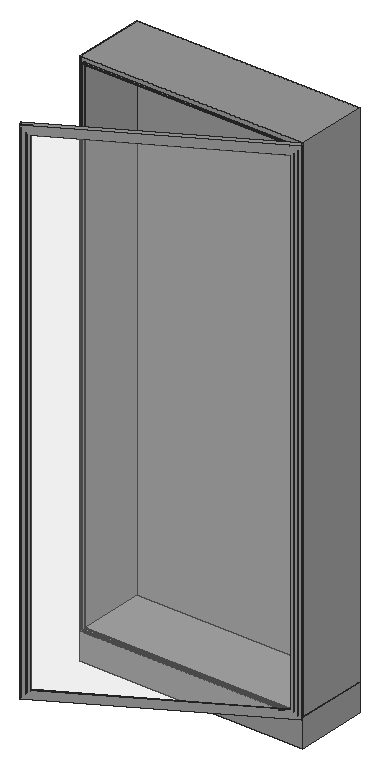
Revit family "Hager-Univers-IP55-D275-H1950-Cl.I-Steel_encl-NoHosted-NL-en", category Equipement électrique, Revit 2020
Family settings
  Configuration du panneau = Deux colonnes, circuits au sein
  Cote de connecteur circulaire = Utiliser le diamètre
  Type d'élément = Tableau de raccordement
  Basée sur le plan de construction = Oui
  Toujours verticalement = Oui
  Couper avec des vides une fois chargée = Non
  Partagée = Non
  Point de calcul de pièce = Non
Parameters (values of type "Floor installation IP55 W800 H1950 D275  - FR23K1")
  Width Control [instance] = if([EF000008 - Width] > Min Width, [EF000008 - Width], Min Width)  # 800 mm
  Commentaires du type = [HG000003 - Range]  # "Univers"
  Thickness Door [instance] = if([EF009171 - Material plate thickness door/cover] > 3 mm, 3 mm, [EF009171 - Material plate thickness door/cover])  # 1.5 mm
  Seal Frame Offset [instance] = 17 mm  # constant formula
  Plinth Visibility [instance] = [HG000027 - Plinth height] > 0 mm  # yes
  Min Width [instance] = 100 mm  # constant formula
  Min Depth [instance] = (2 * [EF009170 - Material plate thickness cabinet]) + 1 mm  # 4 mm
  Min Height [instance] = 100 mm  # constant formula
  Internal Frame Depth [instance] = (Door System Depth * 0.5)  # 9 mm
  Panel Name [instance] = ""  # (empty or 0)
  Model = ""
  HG000027 - Plinth height = 100 mm
  HG000026 - Floor standing = yes
  HG000024 - Bottom section height = 600 mm
  HG000023 - Double section enclosure = no
  HG000016 - Door 3d visibility [instance] = yes
  HG000015 - Clearance visibility [instance] = no
  HG000014 - Door on the right [instance] = yes
  HG000013 - Door on the left [instance] = not([HG000014 - Door on the right])  # no
  HG000012 - Door swing angle [instance] = 30.00°
  HG000010 - Asymmetric doors = no
  HG000009 - Double swing door = no
  HG000006 - Flush mounted = no
  HG000004 - Manufacturer reference = "FR23K1"
  HG000003 - Range = "Univers"
  HG000002 - With door or cover = yes
  Frame Offset Bottom [instance] = 10 mm  # constant formula
  Frame Offset [instance] = 15 mm  # constant formula
  EF015940 - Cover with overpressure release = no
  EF011959 - Degree of protection (NEMA) = ""
  EF009554 - Number of openings for flange plates = 6
  EF009212 - Cover model = "EV000116 - Closed"
  EF009171 - Material plate thickness door/cover = 1.5 mm
  EF009170 - Material plate thickness cabinet = 1.5 mm
  EF008873 - Nominal current (In) = 800 A
  EF007800 - Suitable for lightning protection = no
  EF006306 - With lock = no
  EF006244 - Transparent cover/door = yes
  EF005474 - Degree of protection (IP) = "EV006420 - IP55"
  EF004464 - Type of door = "EV002646 - Single"
  EF004427 - Number of modules = 432
  EF004293 - Impact strength = "EV008784 - IK10"
  EF003532 - Suitable for outdoor use = no
  EF002950 - Width in number of modular spacings = 24
  EF001613 - Circuit integrity = "EV000494 - None"
  EF001596 - Material housing = "EV000179 - Steel"
  EF001131 - Internal depth = 275 mm
  EF001088 - Extension possible = yes
  EF000437 - Number of conduit inlets = 6
  EF000339 - Type of cover = "EV004216 - Door"
  EF000266 - Number of rows = 12
  EF000218 - Built-in depth = 0 mm
  EF000118 - With mounting plate = no
  EF000116 - RAL-number = "7035"
  EF000049 - Depth = 275 mm
  EF000040 - Height = 1950 mm
  EF000008 - Width = 800 mm
  EF000007 - Colour = "EV000270 - Grey"
  EF000003 - Mounting method = "EV012274 - Floor installation"
  Door System Leaf Tolerance [instance] = 1.5 mm  # constant formula
  Door System Depth [instance] = 18 mm  # constant formula
  Door Height [instance] = Height Control - [HG000027 - Plinth height]  # 1850 mm
  Description = ""
  Default Elevation = 1219.2 mm
  Connector Offset [instance] = Height Control / 2  # 975 mm
  Fabricant = "Hager"  # constant formula
  Height Control [instance] = if([EF000040 - Height] > Min Height, [EF000040 - Height], Min Height)  # 1950 mm
  Depth Control [instance] = if([EF000049 - Depth] > Min Depth, [EF000049 - Depth], Min Depth)  # 275 mm
  Bottom Top Plate Trim [instance] = 1.5 mm  # constant formula
  Plinth height Ctrl [instance] = if([HG000027 - Plinth height] > 0 mm, [HG000027 - Plinth height], 12 mm)  # 100 mm
Types (11, lengths in mm): name | Width Control | HG000010 - Asymmetric doors | HG000009 - Double swing door | HG000004 - Manufacturer reference | EF009554 - Number of openings for flange plates | EF006244 - Transparent cover/door | EF004464 - Type of door | EF004427 - Number of modules | EF000437 - Number of conduit inlets | EF000008 - Width
  Floor installation IP55 W1050 H1950 D275  - FR24E1 | 1050 | yes | yes | "FR24E1" | 8 | no | "EV003602 - Double" | 576 | 8 | 1050
  Floor installation IP55 W1050 H1950 D275  - FR24K1 | 1050 | yes | yes | "FR24K1" | 8 | yes | "EV003602 - Double" | 576 | 8 | 1050
  Floor installation IP55 W1300 H1950 D275  - FR25E1 | 1300 | yes | yes | "FR25E1" | 10 | no | "EV003602 - Double" | 720 | 10 | 1300
  Floor installation IP55 W1300 H1950 D275  - FR25K1 | 1300 | yes | yes | "FR25K1" | 10 | yes | "EV003602 - Double" | 720 | 10 | 1300
  Floor installation IP55 W1550 H1950 D275  - FR26E1 | 1550 | yes | yes | "FR26E1" | 12 | no | "EV003602 - Double" | 864 | 12 | 1550
  Floor installation IP55 W1550 H1950 D275  - FR26K1 | 1550 | yes | yes | "FR26K1" | 12 | yes | "EV003602 - Double" | 864 | 12 | 1550
  Floor installation IP55 W300 H1950 D275  - FR21E1 | 300 | no | no | "FR21E1" | 2 | no | "EV002646 - Single" | 144 | 2 | 300
  Floor installation IP55 W550 H1950 D275  - FR22E1 | 550 | no | no | "FR22E1" | 4 | no | "EV002646 - Single" | 288 | 4 | 550
  Floor installation IP55 W550 H1950 D275  - FR22K1 | 550 | no | no | "FR22K1" | 4 | yes | "EV002646 - Single" | 288 | 4 | 550
  Floor installation IP55 W800 H1950 D275  - FR23E1 | 800 | no | no | "FR23E1" | 6 | no | "EV002646 - Single" | 432 | 6 | 800
  Floor installation IP55 W800 H1950 D275  - FR23K1 | 800 | no | no | "FR23K1" | 6 | yes | "EV002646 - Single" | 432 | 6 | 800
Reference planes
  plane 1 "Center (Front/Back)": y = 0
  plane 2: z = 0
  plane 3 "Center (Left/Right)": x = 0
  plane 4: y = 0
  plane 5: y = 0
  plane 6: z = 0
  plane 7: x = -400
  plane 8: x = 400
  plane 9: x = 398.5
  plane 10: x = -398.5
  plane 11: z = 100
  plane 12: z = 101.5
  plane 13: y = -275
  plane 14: y = -1.5
  plane 15: x = 0
  plane 16: y = -257
  plane 17: y = -273.5
  plane 18: y = -255.5
  plane 19: x = -383.5
  plane 20: x = 383.5
  plane 21: z = 111.5
  plane 22: x = -383
  plane 23: x = 383
  plane 24: z = 100
  plane 25: z = 1950
  plane 26: z = 1950
  plane 27: z = 1933.5
  plane 28: z = 1948.5
Forms (mm)
  Extrusion 1, solid, material "Hager_Steel_RAL7035_Light_Grey", detail levels medium+fine
    sketch origin (-208.679, -4572, 100) x (-1, 0, 0) y (0, -1, 0)
      loop
        line (191.321, -4315) -> (-608.679, -4315) -> (-608.679, -4572) -> (191.321, -4572) -> (191.321, -4315)
    from 0 to 1850
  Extrusion 2, void
    sketch origin (-350.771, -275, 1219.2) x (1, 0, 0) y (0, 0, 1)
      loop
        line (-47.729, 729.3) -> (-47.729, -1117.7) -> (749.271, -1117.7) -> (749.271, 729.3) -> (-47.729, 729.3)
    from -19.5 to -273.5
  Extrusion 3, void
    sketch origin (-290.084, -257, 1219.2) x (1, 0, 0) y (0, 0, 1)
      loop
        line (-93.416, -1107.7) -> (673.584, -1107.7) -> (673.584, 714.3) -> (-93.416, 714.3) -> (-93.416, -1107.7)
    from 0 to -1.5
  Extrusion 4, solid, material "Hager_Steel_RAL7035_Light_Grey", visible <- "Plinth Visibility", detail levels medium+fine
    sketch origin (0, 0, 0) x (1, 0, 0) y (0, 1, 0)
      loop
        line (-400, 0) -> (-400, -257) -> (400, -257) -> (400, 0) -> (-400, 0)
    from 0 to 100 <- "Plinth height Ctrl"
  Extrusion 5, solid, material "Hager_Steel_RAL7035_Light_Grey", detail levels coarse
    sketch origin (0, 0, 0) x (1, 0, 0) y (0, 1, 0)
      loop
        line (-400, 0) -> (-400, -275) -> (400, -275) -> (400, 0) -> (-400, 0)
    from 0 to 1950 <- "Height Control"
  Sweep 6, void
    path in 3D
      loop
        line (-400, -257, 100) -> (400, -257, 100) -> (400, 0, 100) -> (-400, 0, 100) -> (-400, -257, 100)
    profile origin (-400, -128.5, 100) x (1, 0, 0) y (0, 0, 1)
      loop
        line (0, 0) -> (0, -1.5) -> (1.5, -1.5)
        arc (1.5, -1.5) -> (1.061, -0.439) -> (0, 0) r 1.5
  Extrusion 7, solid, material "Hager_Steel_RAL7035_Light_Grey", detail levels fine
    sketch origin (-400, -257, 100) x (1, 0, 0) y (0, 0, 1)
      loop
        line (16.5, 11.5) -> (783.5, 11.5) -> (783.5, 1833.5) -> (16.5, 1833.5) -> (16.5, 11.5)
      loop
        line (15, 10) -> (785, 10) -> (785, 1835) -> (15, 1835) -> (15, 10)
    from 0 to 9 <- "Internal Frame Depth"
Cuts and joins
  Extrusion 2, Extrusion 3 cuts Extrusion 1
  Sweep 6 cuts Extrusion 4
Lines and regions (mm)
  Masking region 1
    outline origin (0, 0, 0) x (1, 0, 0) y (0, 1, 0)
      loop
        line (-400, 0) -> (-400, -275) -> (400, -275) -> (400, 0) -> (-400, 0)
  Masking region 2, detail levels coarse
    outline origin (-290.084, -257, 1219.2) x (-1, 0, 0) y (0, 0, 1)
      loop
        line (-690.084, -1219.2) -> (109.916, -1219.2) -> (109.916, 730.8) -> (-690.084, 730.8) -> (-690.084, -1219.2)
  Masking region 3, detail levels coarse
    outline origin (0, 0, 0) x (0, 1, 0) y (0, 0, 1)
      loop
        line (0, 0) -> (0, 1950) -> (-275, 1950) -> (-275, 0) -> (0, 0)
  Masking region 4, visible <- "Plinth Visibility", detail levels medium+fine
    outline origin (0, 0, 0) x (0, 1, 0) y (0, 0, 1)
      loop
        line (-1.5, 100) -> (-255.5, 100)
        arc (-255.5, 100) -> (-255.939, 98.939) -> (-257, 98.5) r 1.5
        line (-257, 98.5) -> (-257, 0) -> (0, 0) -> (0, 98.5)
        arc (0, 98.5) -> (-1.061, 98.939) -> (-1.5, 100) r 1.5
  Masking region 5, detail levels medium+fine
    outline origin (0, 0, 594.038) x (0, 1, 0) y (0, 0, 1)
      loop
        line (0, -494.038) -> (0, 1355.962) -> (-257, 1355.962) -> (-257, -494.038) -> (0, -494.038)
  Masking region 6, detail levels medium+fine
    outline origin (-359.7, -257, 1211.883) x (-1, 0, 0) y (0, 0, 1)
      loop
        line (-759.7, -1111.883) -> (40.3, -1111.883) -> (40.3, 738.117) -> (-759.7, 738.117) -> (-759.7, -1111.883)
  Masking region 7, visible <- "Plinth Visibility", detail levels medium+fine
    outline origin (-320.334, -257, 1041.368) x (-1, 0, 0) y (0, 0, 1)
      loop
        line (-720.334, -1041.368) -> (79.666, -1041.368) -> (79.666, -942.868)
        arc (79.666, -942.868) -> (78.606, -942.429) -> (78.166, -941.368) r 1.5
        line (78.166, -941.368) -> (-718.834, -941.368)
        arc (-718.834, -941.368) -> (-719.273, -942.429) -> (-720.334, -942.868) r 1.5
        line (-720.334, -942.868) -> (-720.334, -1041.368)
  sketch lines
    curve 1: line (-400, 0, 100) -> (-400, -257, 100)
    curve 2: line (-400, -257, 100) -> (400, -257, 100)
    curve 3: line (400, 0, 100) -> (-400, 0, 100)
    curve 4: line (400, -257, 100) -> (400, 0, 100)
Dimensions and locks
  locked: plane 1 "Center (Front/Back)" to plane 5
  "EF009170 - Material plate thickness cabinet": plane 7 to plane 10
  "EF009170 - Material plate thickness cabinet": plane 8 to plane 9
  equal spacing: plane 7, plane 3 "Center (Left/Right)", plane 8
  "Width Control": plane 7 to plane 8
  "Depth Control": plane 4 to plane 13
  "EF009170 - Material plate thickness cabinet": plane 4 to plane 14
  "Height Control": plane 25 to level
  "HG000027 - Plinth height": plane 11 to level
  "EF009170 - Material plate thickness cabinet": plane 12 to plane 11
  "EF009170 - Material plate thickness cabinet": plane 17 to plane 13
  "EF009170 - Material plate thickness cabinet": plane 18 to plane 16
  "Frame Offset Bottom": plane 21 to plane 12
  "Frame Offset": plane 10 to plane 19
  "Frame Offset": plane 9 to plane 20
  "Door System Depth": plane 16 to plane 13
  "Seal Frame Offset": plane 7 to plane 22
  "Seal Frame Offset": plane 8 to plane 23
  "EF009170 - Material plate thickness cabinet": plane 26 to plane 28
  "Frame Offset": plane 28 to plane 27
  "Connector Offset": plane 2 to connector elem
  "Bottom Top Plate Trim": profile plane to Sweep 6 sketch curve
  "Bottom Top Plate Trim": Sweep 6 sketch curve to Sweep 6 sketch curve
  "Plinth height Ctrl": Masking region 4 sketch curve to level
  "Plinth height Ctrl": Masking region 7 sketch curve to level
  "Thickness Door": Extrusion 7 sketch curve to Extrusion 7 sketch curve  (x4)
  "Bottom Top Plate Trim": radius of Sweep 6 sketch curve
  "Bottom Top Plate Trim": radius of Masking region 4 sketch curve  (x2)
  "Bottom Top Plate Trim": radius of Masking region 7 sketch curve  (x2)
  aligned and locked: Extrusion 2 sketch curve to plane 12
  aligned and locked: Extrusion 2 sketch curve to plane 9
  aligned and locked: Extrusion 2 sketch curve to plane 10
  aligned and locked: Extrusion 2 to plane 14
  aligned and locked: Extrusion 1 sketch curve to plane 4
  aligned and locked: plane 8 to Extrusion 1 sketch curve
  aligned and locked: plane 7 to Extrusion 1 sketch curve
  aligned and locked: Extrusion 2 to plane 18
  aligned and locked: Extrusion 3 sketch curve to plane 19
  aligned and locked: plane 20 to Extrusion 3 sketch curve
  aligned and locked: Extrusion 3 to Extrusion 2
  aligned and locked: Extrusion 3 sketch curve to plane 21
  aligned and locked: plane 3 "Center (Left/Right)" to nested 1
  aligned and locked: Extrusion 1 sketch curve to plane 16
  aligned and locked: Extrusion 4 sketch curve to cut or joined group of Extrusion 1, Extrusion 2, Extrusion 3
  aligned and locked: Masking region 1 sketch curve to plane 7
  aligned and locked: Masking region 1 sketch curve to plane 5
  aligned and locked: Masking region 1 sketch curve to plane 8
  aligned and locked: Masking region 2 sketch curve to level
  aligned and locked: level to Masking region 3 sketch curve
  aligned and locked: plane 1 "Center (Front/Back)" to Masking region 3 sketch curve
  aligned and locked: plane 13 to Masking region 3 sketch curve
  aligned and locked: plane 5 to Masking region 4 sketch curve
  aligned and locked: Masking region 2 sketch curve to plane 8
  aligned and locked: Masking region 2 sketch curve to plane 7
  aligned and locked: plane 7 to nested 2
  aligned and locked: nested 2 to plane 5
  aligned and locked: plane 5 to Masking region 5 sketch curve
  aligned and locked: plane 26 to Masking region 5 sketch curve
  aligned and locked: Extrusion 5 sketch curve to plane 8
  aligned and locked: Extrusion 5 sketch curve to plane 7
  aligned and locked: Extrusion 5 sketch curve to plane 5
  aligned and locked: Extrusion 3 sketch curve to plane 27
  aligned and locked: Extrusion 2 sketch curve to plane 28
  aligned and locked: Masking region 2 to plane 25
  aligned and locked: Extrusion 4 to plane 16
  aligned and locked: profile plane to Sweep 6 sketch curve
  aligned and locked: Masking region 5 sketch curve to plane 24
  aligned and locked: level to Masking region 4 sketch curve
  aligned and locked: Masking region 1 to plane 13
  aligned and locked: nested 1 to plane 16
  aligned and locked: Masking region 3 to plane 25
  aligned and locked: plane 16 to Masking region 4 sketch curve
  aligned and locked: Masking region 5 sketch curve to plane 16
  aligned and locked: plane 24 to plane 11
  aligned and locked: plane 26 to plane 25
  aligned and locked: plane 26 to cut or joined group of Extrusion 1, Extrusion 2, Extrusion 3
  aligned and locked: nested 1 to plane 24
  aligned and locked: Extrusion 1 to Extrusion 3
  aligned and locked: Masking region 6 sketch curve to plane 8
  aligned and locked: Masking region 6 sketch curve to plane 24
  aligned and locked: Masking region 6 sketch curve to plane 7
  aligned and locked: Masking region 6 sketch curve to plane 26
  aligned and locked: Masking region 7 sketch curve to plane 7
  aligned and locked: level to Masking region 7 sketch curve
  aligned and locked: Masking region 7 sketch curve to plane 8
  aligned and locked: Extrusion 7 sketch curve to cut or joined group of Extrusion 1, Extrusion 2, Extrusion 3  (x4)
Automatic sketch dimensions
  plane 19 to Extrusion 3 sketch curve = 0 mm
  Extrusion 3 sketch curve to plane 20 = 0 mm
  Extrusion 3 sketch curve to plane 21 = 0 mm
  Extrusion 4 sketch curve to plane 7 = 0 mm
  Extrusion 4 sketch curve to plane 8 = 0 mm
  Extrusion 4 sketch curve to plane 16 = 0 mm
  Masking region 1 sketch curve to plane 13 = 0 mm
  Masking region 2 sketch curve to plane 25 = 0 mm
  Masking region 3 sketch curve to plane 25 = 0 mm
  Extrusion 5 sketch curve to plane 13 = 0 mm
  profile plane to Sweep 6 sketch curve = 0 mm
Nested families
  nested 1: "EC000058_Univers_Door" at (0, -257, 100), Double <- "HG000009 - Double swing door", Transparent <- "EF006244 - Transparent cover/door", Angle <- "HG000012 - Door swing angle", Door_Right <- "HG000014 - Door on the right", Assymetrical <- "HG000010 - Asymmetric doors", Door <- "HG000002 - With door or cover", Width_Ctrl <- "Width Control", 3d_Door <- "HG000016 - Door 3d visibility", Clearance <- "HG000015 - Clearance visibility", Door_Left <- "HG000013 - Door on the left", Width <- "Width Control", Door_Depth <- "Door System Depth", Leaf_Tolerance <- "Door System Leaf Tolerance", Height <- "Door Height", Lock_Visibility <- "EF006306 - With lock", Thickness <- "Thickness Door", type "EC000058_Univers_Door", detail levels medium+fine
    with min_wh 4 mm, Width_Ctrl 800 mm, Width 800 mm, Transparent yes, Thickness 1.5 mm, Seal_Material Hager_Rubber, Lock_Visibility no, Lock_Material Hager_Plastic_RAL9005_Jet_Black, Leaf_Width 800 mm, Leaf_Tolerance_External_Sides 0 mm, Leaf_Tolerance 1.5 mm, Leaf_Offset 0 mm, Leaf_Height 1847 mm, Leaf_2_Width 800 mm, Leaf_2_Offset 400 mm, Leaf_1_Width 800 mm, Leaf_1_Offset 400 mm, Height_Ctrl 1850 mm, Height 1850 mm, Glass_Material Hager_Glass, Double_Clearance_Ctrl no, Double no, Door_Right_Ctrl yes, Door_Right yes, Door_Material Hager_Steel_RAL7035_Light_Grey, Door_Left_Ctrl no, Door_Left no, Door_Depth 18 mm, Door yes, Clearance_Material Hager_Clearance, Clearance_Depth 800 mm, Clearance_Ctrl no, Clearance no, Assymetrical no, Angle 30.00°, 3d_Door yes
  nested 2: "Hager_Enclosure_Symbol" at (-400, 0, 0), Height <- "Depth Control", Width <- "Width Control", type "Hager_Enclosure_Symbol"
    with Width_Ctrl 800 mm, Width 800 mm, Height_Ctrl 275 mm, Height 275 mm, A_Width_Int 18.047 mm, A_Width 216.562 mm, A_Height_Ctrl 240.625 mm, A_Height 240.625 mm
Connectors
  electrical at (0, 0, 975)
    settings: on plane 1 "Center (Front/Back)", index 1, voltage 0 V, apparent load 0 VA, apparent load phase1 0 VA, apparent load phase2 0 VA, apparent load phase3 0 VA, power factor 1, load classification "Other", number of poles 1, system type 30, power factor state 1, is connector primary yes, connector utility no, sub classification motor no, connector description ""
Definition of nested family "EC000058_Univers_Door"
  Parameters (values of type "EC000058_Univers_Door")
    min_wh [instance] = (2 * Thickness) + 1 mm  # 11 mm
    Width_Ctrl [instance] = 400 mm
    Width [instance] = 500 mm
    Transparent [instance] = yes
    Thickness [instance] = 5 mm
    Seal_Material [instance] = none
    Lock_Visibility [instance] = yes
    Lock_Material [instance] = none
    Leaf_Width [instance] = if((Width_Ctrl - 2 * Leaf_Tolerance_External_Sides) > 0 mm, (Width_Ctrl - 2 * Leaf_Tolerance_External_Sides), min_wh)  # 400 mm
    Leaf_Tolerance_External_Sides [instance] = 0 mm  # constant formula
    Leaf_Tolerance [instance] = 1.5 mm
    Leaf_Offset [instance] = 0 mm  # constant formula
    Leaf_Height [instance] = if((Height_Ctrl - 2 * Leaf_Tolerance) > 0 mm, (Height_Ctrl - 2 * Leaf_Tolerance), min_wh)  # 497 mm
    Leaf_2_Width [instance] = if(and(and(Double, Assymetrical), Door_Left), (Leaf_Width / 3) - (Leaf_Tolerance / 2), if(and(and(Double, Assymetrical), Door_Right), (Leaf_Width / 3) * 2 - (Leaf_Tolerance / 2), if(and(Double, not(Assymetrical)), (Leaf_Width / 2) - Leaf_Tolerance, Leaf_Width)))  # 400 mm
    Leaf_2_Offset [instance] = if(and(Double, Assymetrical), Leaf_2_Width / 2, if(and(Double, not(Assymetrical)), Leaf_Width / 4, Leaf_Width / 2))  # 200 mm
    Leaf_1_Width [instance] = if(and(and(Double, Assymetrical), Door_Right), (Leaf_Width / 3) - (Leaf_Tolerance / 2), if(and(and(Double, Assymetrical), Door_Left), (Width / 3) * 2 - (Leaf_Tolerance / 2), if(and(Double, not(Assymetrical)), (Leaf_Width / 2) - Leaf_Tolerance, Leaf_Width)))  # 400 mm
    Leaf_1_Offset [instance] = if(and(Double, Assymetrical), Leaf_1_Width / 2, if(and(Double, not(Assymetrical)), Leaf_Width / 4, Leaf_Width / 2))  # 200 mm
    Height_Ctrl [instance] = if(Height > min_wh, Height, min_wh)  # 500 mm
    Height [instance] = 500 mm
    Glass_Material [instance] = none
    Double_Clearance_Ctrl [instance] = and(Double, Clearance)  # no
    Double [instance] = no
    Door_Right_Ctrl [instance] = and(or(Door_Right, Double), Door)  # yes
    Door_Right [instance] = yes
    Door_Material [instance] = none
    Door_Left_Ctrl [instance] = and(or(Door_Left, Double), Door)  # no
    Door_Left [instance] = no
    Door_Depth [instance] = 30 mm
    Door [instance] = yes
    Default Elevation = 1219.2 mm
    Clearance_Material [instance] = none
    Clearance_Depth [instance] = if(Leaf_1_Width > Leaf_2_Width, Leaf_1_Width, Leaf_2_Width)  # 400 mm
    Clearance_Ctrl [instance] = and(not(Double), Clearance)  # yes
    Clearance [instance] = yes
    Assymetrical [instance] = yes
    Angle [instance] = 30.00°
    3d_Door [instance] = yes
  Reference planes
    plane 1 "Center (Front/Back)": y = 0
    plane 2 "Bottom": z = 0
    plane 3 "Center (Left/Right)": x = 0
    plane 4: z = 500
    plane 5: x = -200
    plane 6: x = 200
    plane 7: z = 500
    plane 8: x = -200
    plane 9: z = 0
    plane 10: x = 200
    plane 11: y = 0
    plane 12: z = 1.5
    plane 13: x = -600
    plane 14: y = -400
    plane 15: x = 600
    plane 16: x = 0
    plane 17: x = 0
    plane 18: x = -200
    plane 19: x = 200
    plane 20: z = 498.5
  Forms (mm)
    Extrusion 1, solid, material <- "Clearance_Material", visible <- "Double_Clearance_Ctrl"
      sketch origin (1200, 0, 0) x (1, 0, 0) y (0, 0, -1)
        loop
          line (-1800, -498.5) -> (-600, -498.5) -> (-600, 0) -> (-1800, 0) -> (-1800, -498.5)
      from 0 to -400
  Dimensions and locks
    equal spacing: plane 5, plane 3 "Center (Left/Right)", plane 6
    "Width_Ctrl": plane 5 to plane 6
    "Leaf_Offset": plane 5 to plane 8
    "Leaf_Offset": plane 6 to plane 10
    "Leaf_Offset": plane 9 to level
    "Leaf_Offset": plane 4 to plane 7
    "Height_Ctrl": plane 4 to level
    "Leaf_Tolerance": plane 12 to plane 9
    locked: plane 11 to plane 1 "Center (Front/Back)"
    "Leaf_1_Offset": plane 18 to plane 16
    "Leaf_2_Offset": plane 17 to plane 19
    "Leaf_1_Width": plane 13 to plane 8
    "Leaf_2_Width": plane 10 to plane 15
    "Clearance_Depth": plane 14 to plane 1 "Center (Front/Back)"
    "Leaf_Tolerance_External_Sides": plane 8 to plane 18
    "Leaf_Tolerance_External_Sides": plane 19 to plane 10
    "Leaf_Tolerance": plane 7 to plane 20
    aligned and locked: level to plane 2 "Bottom"
    aligned and locked: nested 1 to plane 16
    aligned and locked: nested 2 to plane 17
    aligned and locked: Extrusion 1 to plane 13
    aligned and locked: plane 15 to Extrusion 1
    aligned and locked: Extrusion 1 to plane 14
    aligned and locked: plane 12 to nested 1
    aligned and locked: nested 2 to plane 12
    aligned and locked: Extrusion 1 to plane 11
    aligned and locked: plane 20 to Extrusion 1
    aligned and locked: nested 2 to plane 11
    aligned and locked: nested 1 to plane 11
  Automatic sketch dimensions
    Extrusion 1 sketch curve to level = 0 mm
    plane 5 to Extrusion 1 sketch curve = 400 mm
    plane 6 to Extrusion 1 sketch curve = 400 mm
    Extrusion 1 sketch curve to plane 4 = 1.5 mm
  Nested families
    nested 1: "EC000058_Univers_Door_Leaf" at (0, 0, 1.5), Width <- "Leaf_1_Width", visible <- "Door_Left_Ctrl", Leaf_Height <- "Leaf_Height", Angle <- "Angle", 3d_Door <- "3d_Door", Transparent <- "Transparent", Clearance Material <- "Clearance_Material", Clearance <- "Clearance_Ctrl", Door_Material <- "Door_Material", Glass_Material <- "Glass_Material", Door_Depth <- "Door_Depth", Lock_Material <- "Lock_Material", Seal_Material <- "Seal_Material", Lock_Visibility <- "Lock_Visibility", Thickness <- "Thickness", type "EC000058_Univers_Door_Leaf"
      with Width 400 mm, Transparent_Glass_Offset 30 mm, Transparent_Ctrl yes, Transparent yes, Thickness 5 mm, Standard no, Seal_Material none, Seal_D2 8 mm, Seal_D1 1 mm, Offset_Internal_Frame 10 mm, Lock_Width 20 mm, Lock_Visibility_3d yes, Lock_Visibility yes, Lock_Thickness_3 3 mm, Lock_Thickness_2 1 mm, Lock_Thickness_1 3 mm, Lock_Radius_Offset_2 16 mm, Lock_Radius_Offset_1 15 mm, Lock_Radius_2 5 mm, Lock_Radius 6 mm, Lock_Offset 5 mm, Lock_Material none, Lock_Height 80 mm, Lock_Cover_Top_Offset_2d 17 mm, Lock_Cover_Height -65 mm, Leaf_Height 497 mm, Internal_Seal_Thickness 8 mm, Internal_Seal_Depth_2 4.5 mm, Internal_Frame_Depth 25 mm, Glass_Thickness -1 mm, Glass_Offset -2 mm, Glass_Material none, Door_Material none, Door_Depth 30 mm, Clearance Material none, Clearance yes, Angle_Ctrl 30.00°, Angle 30.00°, 3d_Door yes
    nested 2: "EC000058_Univers_Door_Leaf" at (0, 0, 1.5) x (-1, 0, 0) z (0, 0, 1), Width <- "Leaf_2_Width", visible <- "Door_Right_Ctrl", Leaf_Height <- "Leaf_Height", Angle <- "Angle", 3d_Door <- "3d_Door", Transparent <- "Transparent", Clearance Material <- "Clearance_Material", Clearance <- "Clearance_Ctrl", Door_Material <- "Door_Material", Glass_Material <- "Glass_Material", Door_Depth <- "Door_Depth", Lock_Material <- "Lock_Material", Seal_Material <- "Seal_Material", Lock_Visibility <- "Lock_Visibility", Thickness <- "Thickness", type "EC000058_Univers_Door_Leaf"
      with Width 400 mm, Transparent_Glass_Offset 30 mm, Transparent_Ctrl yes, Transparent yes, Thickness 5 mm, Standard no, Seal_Material none, Seal_D2 8 mm, Seal_D1 1 mm, Offset_Internal_Frame 10 mm, Lock_Width 20 mm, Lock_Visibility_3d yes, Lock_Visibility yes, Lock_Thickness_3 3 mm, Lock_Thickness_2 1 mm, Lock_Thickness_1 3 mm, Lock_Radius_Offset_2 16 mm, Lock_Radius_Offset_1 15 mm, Lock_Radius_2 5 mm, Lock_Radius 6 mm, Lock_Offset 5 mm, Lock_Material none, Lock_Height 80 mm, Lock_Cover_Top_Offset_2d 17 mm, Lock_Cover_Height -65 mm, Leaf_Height 497 mm, Internal_Seal_Thickness 8 mm, Internal_Seal_Depth_2 4.5 mm, Internal_Frame_Depth 25 mm, Glass_Thickness -1 mm, Glass_Offset -2 mm, Glass_Material none, Door_Material none, Door_Depth 30 mm, Clearance Material none, Clearance yes, Angle_Ctrl 30.00°, Angle 30.00°, 3d_Door yes
  Definition of nested family "EC000058_Univers_Door_Leaf"
    Parameters (values of type "EC000058_Univers_Door_Leaf")
      Width [instance] = 2000 mm
      Transparent_Glass_Offset [instance] = 30 mm
      Transparent_Ctrl [instance] = and(Transparent, [3d_Door])  # yes
      Transparent [instance] = yes
      Thickness [instance] = 5 mm
      Standard [instance] = and(not(Transparent), [3d_Door])  # no
      Seal_Material [instance] = none
      Seal_D2 [instance] = 8 mm  # constant formula
      Seal_D1 [instance] = 1 mm  # constant formula
      Offset_Internal_Frame [instance] = 10 mm  # constant formula
      Lock_Width [instance] = 20 mm  # constant formula
      Lock_Visibility_3d [instance] = and(Lock_Visibility, [3d_Door])  # yes
      Lock_Visibility [instance] = yes
      Lock_Thickness_3 [instance] = 3 mm  # constant formula
      Lock_Thickness_2 [instance] = 1 mm  # constant formula
      Lock_Thickness_1 [instance] = 3 mm  # constant formula
      Lock_Radius_Offset_2 [instance] = Lock_Radius_Offset_1 + 1 mm  # 16 mm
      Lock_Radius_Offset_1 [instance] = 15 mm  # constant formula
      Lock_Radius_2 [instance] = Lock_Radius - 1 mm  # 5 mm
      Lock_Radius [instance] = 6 mm  # constant formula
      Lock_Offset [instance] = 5 mm  # constant formula
      Lock_Material [instance] = none
      Lock_Height [instance] = 80 mm  # constant formula
      Lock_Cover_Top_Offset_2d [instance] = Lock_Radius_Offset_2 + 1 mm  # 17 mm
      Lock_Cover_Height [instance] = -(Lock_Height - Lock_Radius_Offset_1)  # -65 mm
      Leaf_Height [instance] = 2720.336 mm
      Internal_Seal_Thickness [instance] = 8 mm  # constant formula
      Internal_Seal_Depth_2 [instance] = 4.5 mm  # constant formula
      Internal_Frame_Depth [instance] = if(Door_Depth - Thickness > 5 mm, Door_Depth - Thickness, 5 mm)  # 25 mm
      Glass_Thickness [instance] = if(Thickness > 15 mm, Glass_Offset + 10 mm, -1 mm)  # -1 mm
      Glass_Offset [instance] = if(Thickness > 15 mm, -(Thickness + 10 mm) / 2, -2 mm)  # -2 mm
      Glass_Material [instance] = none
      Door_Material [instance] = none
      Door_Depth [instance] = 30 mm
      Default Elevation = 0 mm
      Clearance Material [instance] = none
      Clearance [instance] = yes
      Angle_Ctrl [instance] = if(Angle > 180.00°, 180.00°, Angle)  # 90.00°
      Angle [instance] = 90.00°
      3d_Door [instance] = yes
    Reference planes
      plane 1 "Center (Front/Back)": y = 0
      plane 2: z = 0
      plane 3 "Center (Left/Right)": x = 0
      plane 4: y = 2000
      plane 5: x = -1000
      plane 6: x = 1000
      plane 7: x = -3000
      plane 8: z = 2720.336
      plane 9: z = 30
      plane 10: z = 2690.336
      plane 11: x = 970
      plane 12: x = -970
      plane 13: y = -3
      plane 14: z = 107.833
      plane 15: y = -5
      plane 16: y = -223.314
      plane 17: x = -1000
      plane 18: z = 1360.168
      plane 19: y = 30
    Forms (mm)
      Extrusion 1, solid, material <- "Clearance Material", visible <- "Clearance"
        sketch origin (0, 0, 0) x (1, 0, 0) y (0, 0, 1)
          loop
            line (-3000, 2720.336) -> (-3000, 0) -> (1000, 0) -> (1000, 2720.336) -> (-3000, 2720.336)
        from 0 to -2000
      Extrusion 2, solid, material <- "Door_Material", visible <- "Standard", detail levels medium+fine
        sketch origin (-1000, 0, 0) x (0, 1, 0) y (-1, 0, 0)
          loop
            line (0, 30) -> (0, 25) -> (2000, 25) -> (2000, 30) -> (0, 30)
        from 0 to 2720.336 <- "Leaf_Height"
      Extrusion 3, solid, material <- "Door_Material", visible <- "Transparent_Ctrl", detail levels medium+fine
        sketch origin (-1000, 0, 0) x (0, 1, 0) y (-1, 0, 0)
          loop
            line (0, 25) -> (2000, 25) -> (2000, 30) -> (0, 30) -> (0, 25)
        from 0 to 2720.336 <- "Leaf_Height"
      Extrusion 4, void
        sketch origin (-1025, 2000, 0) x (0, 1, 0) y (0, 0, -1)
          loop
            line (-30, -2690.336) -> (-30, -30) -> (-1970, -30) -> (-1970, -2690.336) -> (-30, -2690.336)
        from 0 to 5 <- "Thickness"
      Sweep 5, solid, material <- "Seal_Material", visible <- "Transparent_Ctrl", detail levels fine
        path in 3D
          loop
            line (-1025, 30, 30) -> (-1025, 30, 2690.336) -> (-1025, 1970, 2690.336) -> (-1025, 1970, 30) -> (-1025, 30, 30)
        profile origin (-1025, 1000, 30) x (1, 0, 0) y (0, 0, 1)
          loop
            line (0, 0) -> (0, -8) -> (1, -8) -> (1, 0) -> (0, 0)
      Extrusion 6, solid, material <- "Glass_Material", visible <- "Transparent_Ctrl", detail levels medium+fine
        sketch origin (-1030, 0, 0) x (0, 1, 0) y (0, 0, -1)
          loop
            line (1970, -2690.336) -> (1970, -30) -> (30, -30) -> (30, -2690.336) -> (1970, -2690.336)
        from -2 <- "Glass_Offset" to -1 <- "Glass_Thickness"
      Extrusion 7, solid, material <- "Door_Material", visible <- "3d_Door", detail levels medium+fine
        sketch origin (-1025, 2000, 0) x (0, -1, 0) y (0, 0, -1)
          loop
            line (0, -2720.336) -> (2000, -2720.336) -> (2000, 0) -> (0, 0) -> (0, -2720.336)
          loop
            line (1995, -5) -> (5, -5) -> (5, -2715.336) -> (1995, -2715.336) -> (1995, -5)
        from 0 to 25 <- "Internal_Frame_Depth"
      Sweep 8, solid, material <- "Seal_Material", visible <- "Transparent_Ctrl", detail levels fine
        path in 3D
          loop
            line (-1025, 0, 0) -> (-1025, 2000, 0) -> (-1025, 2000, 2720.336) -> (-1025, 0, 2720.336) -> (-1025, 0, 0)
        profile origin (-1025, 0, 1360.168) x (1, 0, 0) y (0, 1, 0)
          loop
            line (0, 10) -> (2.975, 10)
            arc (2.975, 10) -> (4.053, 10.447) -> (4.5, 11.525) r 1.525
            line (4.5, 11.525) -> (4.5, 16.527)
            arc (4.5, 16.527) -> (4.069, 17.569) -> (3.027, 18) r 1.473
            line (3.027, 18) -> (0, 18) -> (0, 10)
      Extrusion 9, solid, material <- "Lock_Material", visible <- "Lock_Visibility_3d", detail levels fine
        sketch origin (-1030, 0, 0) x (0, 1, 0) y (0, 0, -1)
          loop
            arc (1993.5, -1400.168) -> (1994.561, -1399.729) -> (1995, -1398.668) r 1.5
            line (1995, -1398.668) -> (1995, -1320.168) -> (1975, -1320.168) -> (1975, -1398.668)
            arc (1975, -1398.668) -> (1975.439, -1399.729) -> (1976.5, -1400.168) r 1.5
            line (1976.5, -1400.168) -> (1993.5, -1400.168)
        from 3 <- "Lock_Thickness_1" to 0
      Blend 10, solid, material <- "Lock_Material", visible <- "Lock_Visibility_3d", detail levels fine
        base sketch origin (-1033, 0, 0) x (0, 1, 0) y (0, 0, -1)
          loop
            line (1975, -1320.168) -> (1975, -1398.668)
            arc (1975, -1398.668) -> (1975.439, -1399.729) -> (1976.5, -1400.168) r 1.5
            line (1976.5, -1400.168) -> (1993.5, -1400.168)
            arc (1993.5, -1400.168) -> (1994.561, -1399.729) -> (1995, -1398.668) r 1.5
            line (1995, -1398.668) -> (1995, -1320.168) -> (1975, -1320.168)
        top sketch origin (-1033, 0, 0) x (0, 1, 0) y (0, 0, -1)
          loop
            line (1976, -1320.168) -> (1976, -1398.668)
            arc (1976, -1398.668) -> (1976.146, -1399.022) -> (1976.5, -1399.168) r 0.5
            line (1976.5, -1399.168) -> (1993.5, -1399.168)
            arc (1993.5, -1399.168) -> (1993.854, -1399.022) -> (1994, -1398.668) r 0.5
            line (1994, -1398.668) -> (1994, -1320.168) -> (1976, -1320.168)
        from 0 to 1 <- "Lock_Thickness_2"
      Blend 11, solid, material <- "Lock_Material", visible <- "Lock_Visibility_3d", detail levels fine
        base sketch origin (-1034, 0, 0) x (0, 1, 0) y (0, 0, -1)
          loop
            line (1978, -1320.168) -> (1978, -1384.168)
            arc (1978, -1384.168) -> (1985, -1391.168) -> (1992, -1384.168) r 7
            line (1992, -1384.168) -> (1992, -1320.168) -> (1978, -1320.168)
        top sketch origin (-1034, 0, 0) x (0, 1, 0) y (0, 0, -1)
          loop
            line (1991, -1320.168) -> (1979, -1320.168) -> (1979, -1383.168)
            arc (1979, -1383.168) -> (1985, -1389.168) -> (1991, -1383.168) r 6
            line (1991, -1383.168) -> (1991, -1320.168)
        from 0 to 3 <- "Lock_Thickness_3"
      Extrusion 12, solid, material <- "Lock_Material", visible <- "Lock_Visibility_3d", detail levels fine
        sketch origin (-1030, 1975, 1320.168) x (1, 0, 0) y (0, -1, 0)
          loop
            line (-7, -19) -> (-7, -1) -> (0, -1) -> (0, 0) -> (-8, 0) -> (-8, -20) -> (0, -20) -> (0, -19) -> (-7, -19)
        from 0 to -65 <- "Lock_Cover_Height"
      Extrusion 13, void
        sketch origin (-1038, 1995, 1320.168) x (-1, 0, 0) y (0, 0, -1)
          loop
            line (-5, -65) -> (0, -65) -> (-5, -60) -> (-5, -65)
        from 0 to 20 <- "Lock_Width"
      Extrusion 14, void
        sketch origin (-1038, 1975, 1320.168) x (0, -1, 0) y (0, 0, -1)
          loop
            circle (-10, -15.995) r 6
          loop
            circle (-10, -15.995) r 5
        from 0 to 2
      Extrusion 15, solid, material <- "Lock_Material", visible <- "Lock_Visibility_3d", detail levels medium
        sketch origin (-1030, 0, 0) x (0, 1, 0) y (0, 0, -1)
          loop
            arc (1993.5, -1400.168) -> (1994.561, -1399.729) -> (1995, -1398.668) r 1.5
            line (1995, -1398.668) -> (1995, -1320.168) -> (1975, -1320.168) -> (1975, -1398.668)
            arc (1975, -1398.668) -> (1975.439, -1399.729) -> (1976.5, -1400.168) r 1.5
            line (1976.5, -1400.168) -> (1993.5, -1400.168)
        from 8 to 0
    Cuts and joins
      Extrusion 4 cuts Extrusion 3
      Extrusion 13, Extrusion 14 cuts Extrusion 9
      Extrusion 14 cuts Blend 11
      Extrusion 13, Extrusion 14 cuts Extrusion 12
      joined: Extrusion 9, Blend 10, Blend 11, Extrusion 12
      Extrusion 14 cuts Extrusion 15
    Lines and regions (mm)
      Masking region 1, visible <- "Lock_Visibility", detail levels fine
        outline origin (0, 0, 0) x (0, 1, 0) y (0, 0, 1)
          loop
            line (30, 1320.168) -> (33, 1320.168) -> (33, 1400.168) -> (30, 1400.168) -> (30, 1320.168)
      Masking region 2, visible <- "Lock_Visibility", detail levels fine
        outline origin (0, 3.143, 0) x (0, 1, 0) y (0, 0, 1)
          loop
            line (29.857, 1354.168) -> (30.857, 1354.168) -> (30.857, 1366.168) -> (29.857, 1366.168) -> (29.857, 1354.168)
      Masking region 3, detail levels medium+fine
        outline origin (0, 0, 0) x (0, 1, 0) y (0, 0, 1)
          loop
            line (0, 0) -> (30, 0) -> (30, 2720.336) -> (0, 2720.336) -> (0, 0)
      Masking region 4, detail levels medium+fine
        outline origin (0, 0, 0) x (1, 0, 0) y (0, 0, 1)
          loop
            line (-1000, 2720.336) -> (-1000, 0) -> (1000, 0) -> (1000, 2720.336) -> (-1000, 2720.336)
      Masking region 5, visible <- "Lock_Visibility", detail levels fine
        outline origin (-47.116, 0, 0) x (1, 0, 0) y (0, 0, 1)
          loop
            arc (1024.616, 1399.168) -> (1023.556, 1398.729) -> (1023.116, 1397.668) r 1.5
            line (1023.116, 1397.668) -> (1023.116, 1320.168) -> (1041.116, 1320.168) -> (1041.116, 1397.668)
            arc (1041.116, 1397.668) -> (1040.677, 1398.729) -> (1039.616, 1399.168) r 1.5
            line (1039.616, 1399.168) -> (1024.616, 1399.168)
      Masking region 6, visible <- "Lock_Visibility", detail levels medium+fine
        outline origin (-25, 0, 0) x (1, 0, 0) y (0, 0, 1)
          loop
            arc (1001.5, 1400.168) -> (1000.439, 1399.729) -> (1000, 1398.668) r 1.5
            line (1000, 1398.668) -> (1000, 1320.168) -> (1020, 1320.168) -> (1020, 1398.668)
            arc (1020, 1398.668) -> (1019.561, 1399.729) -> (1018.5, 1400.168) r 1.5
            line (1018.5, 1400.168) -> (1001.5, 1400.168)
      Masking region 7, visible <- "Lock_Visibility", detail levels fine
        outline origin (-73.735, 0, 0) x (1, 0, 0) y (0, 0, 1)
          loop
            line (1051.735, 1382.168) -> (1065.735, 1382.168) -> (1065.735, 1384.168)
            arc (1065.735, 1384.168) -> (1058.735, 1391.168) -> (1051.735, 1384.168) r 7
            line (1051.735, 1384.168) -> (1051.735, 1382.168)
      Masking region 8, visible <- "Lock_Visibility", detail levels fine
        outline origin (-73.735, 0, 0) x (1, 0, 0) y (0, 0, 1)
          loop
            line (1052.735, 1382.168) -> (1064.735, 1382.168) -> (1064.735, 1383.168)
            arc (1064.735, 1383.168) -> (1058.735, 1389.168) -> (1052.735, 1383.168) r 6
            line (1052.735, 1383.168) -> (1052.735, 1382.168)
      Masking region 9, visible <- "Lock_Visibility", detail levels fine
        outline origin (-25, 0, 0) x (1, 0, 0) y (0, 0, 1)
          loop
            line (1020, 1320.168) -> (1020, 1382.168) -> (1000, 1382.168) -> (1000, 1320.168) -> (1020, 1320.168)
      Masking region 10, detail levels medium+fine
        outline origin (0, 0, 0) x (1, 0, 0) y (0, 0, 1)
          loop
            circle (985, 1335.144) r 6
      Masking region 11, detail levels fine
        outline origin (0, 0, 0) x (1, 0, 0) y (0, 0, 1)
          loop
            circle (985, 1335.144) r 5
      Masking region 12, visible <- "Lock_Visibility", detail levels fine
        outline origin (0, 12.767, 0) x (0, 1, 0) y (0, 0, 1)
          loop
            line (20.233, 1320.168) -> (21.233, 1320.168) -> (21.233, 1399.168) -> (20.233, 1400.168) -> (20.233, 1320.168)
      Masking region 13, visible <- "Lock_Visibility", detail levels fine
        outline origin (0, 13.767, -10) x (0, 1, 0) y (0, 0, 1)
          loop
            line (20.233, 1330.168) -> (23.233, 1330.168) -> (23.233, 1399.168) -> (20.233, 1402.168) -> (20.233, 1330.168)
      Masking region 14, visible <- "Lock_Visibility", detail levels fine
        outline origin (0, 12.767, -10) x (0, 1, 0) y (0, 0, 1)
          loop
            line (20.233, 1330.168) -> (25.233, 1330.168) -> (25.233, 1399.305) -> (20.233, 1394.305) -> (20.233, 1330.168)
      Masking region 15, visible <- "Lock_Visibility", detail levels medium
        outline origin (0, 0, 0) x (0, 1, 0) y (0, 0, 1)
          loop
            line (30, 1320.168) -> (38, 1320.168) -> (38, 1400.168) -> (30, 1400.168) -> (30, 1320.168)
      Masking region 16, visible <- "Lock_Visibility", detail levels fine
        outline origin (-1000, 0, 0) x (0, 1, 0) y (-1, 0, 0)
          loop
            line (1975, 30) -> (1995, 30) -> (1995, 38) -> (1975, 38) -> (1975, 30)
          loop
            line (1979, 37) -> (1976, 37) -> (1976, 34) -> (1978, 34) -> (1979, 37)
          loop
            line (1994, 37) -> (1991, 37) -> (1992, 34) -> (1994, 34) -> (1994, 37)
      Masking region 17, visible <- "Lock_Visibility", detail levels medium
        outline origin (-1000, 0, 0) x (0, 1, 0) y (-1, 0, 0)
          loop
            line (1975, 30) -> (1995, 30) -> (1995, 38) -> (1975, 38) -> (1975, 30)
      symbolic lines
        curve 1: line (1000, 0, 0) -> (-3000, 0, 0)
        curve 2: arc (1000, 0, 0) -> (-1000, 2000, 0) -> (-3000, 0, 0) r 2000
        curve 4: line (-1030, 0, 0) -> (-1030, 2000, 0)
      reference lines
        curve 3: line (-1000, 0, 0) -> (-1000, 2000, 0)
      symbolic lines, detail levels medium+fine
        curve 5: line (-1030, 2000, 0) -> (-1025, 2000, 0)
        curve 7: line (-1025, 0, 0) -> (-1030, 0, 0)
        curve 8: line (-1025, 0, 0) -> (-1000, 0, 0)
        curve 9: line (-1000, 0, 0) -> (-1000, 2000, 0)
        curve 10: line (-1000, 2000, 0) -> (-1025, 2000, 0)
      symbolic lines, detail levels fine
        curve 6: line (-1025, 2000, 0) -> (-1025, 0, 0)
      sketch lines
        curve 11: line (-1025, 0, 2720.336) -> (-1025, 0, 0)
        curve 12: line (-1025, 2000, 0) -> (-1025, 0, 0)
        curve 13: line (-1025, 2000, 2720.336) -> (-1025, 2000, 0)
        curve 14: line (-1025, 0, 2720.336) -> (-1025, 2000, 2720.336)
        curve 15: line (-1025, 1970, 30) -> (-1025, 30, 30)
        curve 16: line (-1025, 30, 30) -> (-1025, 30, 2690.336)
        curve 17: line (-1025, 1970, 2690.336) -> (-1025, 1970, 30)
        curve 18: line (-1025, 30, 2690.336) -> (-1025, 1970, 2690.336)
      symbolic lines, visible <- "Transparent", detail levels medium+fine
        curve 19: line (-970, 0, 2690.336) -> (970, 0, 2690.336)
        curve 20: line (-970, 0, 30) -> (-970, 0, 2690.336)
        curve 21: line (970, 0, 30) -> (-970, 0, 30)
        curve 22: line (970, 0, 2690.336) -> (970, 0, 30)
    Dimensions and locks
      "Width": plane 1 "Center (Front/Back)" to plane 4
      equal spacing: plane 5, plane 3 "Center (Left/Right)", plane 6
      "Width": plane 5 to plane 6
      "Width": plane 7 to plane 5
      "Leaf_Height": plane 8 to level
      "Width": curve 5 to curve 3
      "Width": curve 3 to curve 3
      plane 8 to plane 10 = 30 mm
      plane 9 to level = 30 mm
      plane 12 to plane 5 = 30 mm
      plane 6 to plane 11 = 30 mm
      Extrusion 1 to Extrusion 4 sketch curve = 30 mm
      "Transparent_Glass_Offset": curve 3 to Extrusion 4 sketch curve
      "Transparent_Glass_Offset": Extrusion 4 sketch curve to cut or joined group of Extrusion 3, Extrusion 4  (x2)
      cut or joined group of Extrusion 3, Extrusion 4 to Extrusion 6 sketch curve = 30 mm
      "Transparent_Glass_Offset": cut or joined group of Extrusion 3, Extrusion 4 to Extrusion 4 sketch curve
      "Thickness": curve 6 to curve 4
      "Thickness": Extrusion 7 sketch curve to Extrusion 7 sketch curve  (x4)
      "Door_Depth": curve 4 to curve 3
      "Offset_Internal_Frame": profile plane to Sweep 8 sketch curve
      "Internal_Seal_Thickness": Sweep 8 sketch curve to Sweep 8 sketch curve
      "Internal_Seal_Depth_2": profile plane to Sweep 8 sketch curve
      "Seal_D1": profile plane to Sweep 5 sketch curve
      "Seal_D2": profile plane to Sweep 5 sketch curve
      "Thickness": Extrusion 2 sketch curve to Extrusion 2 sketch curve
      equal spacing: Extrusion 9 sketch curve, plane 18, Extrusion 9 sketch curve  (x2)
      equal spacing: Masking region 1 sketch curve, plane 18, Masking region 1 sketch curve
      "Lock_Height": Masking region 1 sketch curve to Masking region 1 sketch curve
      "Lock_Radius": Masking region 2 sketch curve to plane 18 to Masking region 2 sketch curve
      Masking region 2 sketch curve to Masking region 1 = 1 mm
      "Door_Depth": plane 19 to plane 1 "Center (Front/Back)"
      "Lock_Thickness_1": Masking region 1 sketch curve to plane 19
      "Lock_Width": Extrusion 9 sketch curve to Extrusion 9 sketch curve
      "Lock_Height": Extrusion 9 sketch curve to Extrusion 9 sketch curve
      "Lock_Offset": cut or joined group of Extrusion 3, Extrusion 4 to Extrusion 9 sketch curve
      equal spacing: plane 8, plane 18, level
      "Lock_Radius_Offset_1": Blend 11 sketch curve to Blend 10
      locked: Blend 10 to Blend 11 sketch curve at 2  (x2)
      locked: var sketch to Blend 11 sketch curve at 1  (x2)
      "Lock_Radius_Offset_2": Blend 11 sketch curve to Blend 10
      locked: Extrusion 12 sketch curve to Extrusion 12 sketch curve at 1  (x3)
      Masking region 6 sketch curve to Masking region 6 sketch curve = 80 mm
      "Lock_Height": Masking region 6 sketch curve to Masking region 6 sketch curve
      "Lock_Width": Masking region 6 sketch curve to Masking region 6 sketch curve
      locked: Masking region 6 to Masking region 5 sketch curve at 1  (x3)
      locked: Masking region 5 to Masking region 7 sketch curve at 2  (x2)
      "Lock_Radius_Offset_1": Masking region 5 to Masking region 7 sketch curve
      "Lock_Radius_Offset_2": Masking region 5 to Masking region 8 sketch curve
      locked: Masking region 7 to Masking region 8 sketch curve at 1  (x2)
      "Lock_Cover_Top_Offset_2d": Masking region 5 to Masking region 9 sketch curve
      equal spacing: Masking region 9, Masking region 10 sketch curve, Masking region 9
      equal spacing: Masking region 9, Masking region 11 sketch curve, Masking region 9
      Extrusion 15 sketch curve to Extrusion 15 sketch curve = 80 mm
      "Lock_Width": Extrusion 15 sketch curve to Extrusion 15 sketch curve
      "Lock_Height": Extrusion 15 sketch curve to Extrusion 15 sketch curve
      equal spacing: Extrusion 15 sketch curve, plane 18, Extrusion 15 sketch curve
      "Lock_Thickness_3": Masking region 13 sketch curve to Masking region 13 sketch curve
      "Lock_Height": Masking region 12 sketch curve to Masking region 12 sketch curve
      locked: Masking region 13 sketch curve to Masking region 1 at 8
      locked: Masking region 14 sketch curve to Masking region 13 at 1
      locked: Masking region 14 sketch curve to Masking region 1 at 10.863
      "Lock_Height": Masking region 15 sketch curve to Masking region 15 sketch curve
      "Lock_Offset": Extrusion 15 sketch curve to cut or joined group of Extrusion 3, Extrusion 4
      "Lock_Offset": plane 6 to Masking region 6 sketch curve
      radius of Sweep 8 sketch curve = 1.525 mm
      radius of Sweep 8 sketch curve = 1.473 mm
      radius of Extrusion 9 sketch curve = 1.5 mm  (x2)
      "Lock_Radius": radius of Extrusion 14 sketch curve
      "Lock_Radius_2": radius of Extrusion 14 sketch curve
      "Lock_Radius": radius of Masking region 10 sketch curve
      "Lock_Radius_2": radius of Masking region 11 sketch curve
      radius of Extrusion 15 sketch curve = 1.5 mm  (x2)
      "Angle_Ctrl": angle plane 1 "Center (Front/Back)" to curve 3
      locked: Masking region 12 sketch curve to Masking region 12 sketch curve (angle 45.00°)
      locked: Masking region 13 sketch curve to Masking region 13 sketch curve (angle 45.00°)
      locked: Masking region 14 sketch curve to Masking region 14 sketch curve (angle 45.00°)
      aligned and locked: level to plane 2
      aligned and locked: Extrusion 1 to curve 1
      aligned and locked: plane 6 to Extrusion 1
      aligned and locked: Extrusion 1 to plane 1 "Center (Front/Back)"
      aligned and locked: plane 4 to Extrusion 1
      aligned and locked: plane 8 to Extrusion 1
      aligned and locked: curve 7 to Extrusion 2 sketch curve
      aligned and locked: curve 5 to Extrusion 2 sketch curve
      aligned and locked: curve 7 to Extrusion 3 sketch curve
      aligned and locked: Extrusion 3 sketch curve to curve 4
      aligned and locked: Extrusion 3 sketch curve to curve 6
      aligned and locked: Extrusion 3 sketch curve to curve 5
      aligned and locked: curve 9 to curve 3
      aligned and locked: Extrusion 7 sketch curve to cut or joined group of Extrusion 3, Extrusion 4  (x4)
      aligned and locked: plane 17 to curve 3
      aligned and locked: plane 1 "Center (Front/Back)" to curve 3
      aligned and locked: plane 17 to plane 5
      aligned and locked: Sweep 8 sketch curve to profile plane
      aligned and locked: Sweep 5 sketch curve to profile plane  (x2)
      aligned and locked: Masking region 1 to Masking region 2 sketch curve
      aligned and locked: plane 19 to Masking region 1 sketch curve
      aligned and locked: plane 1 "Center (Front/Back)" to Masking region 3 sketch curve
      aligned and locked: plane 19 to Masking region 3 sketch curve
      aligned and locked: level to Masking region 3 sketch curve
      aligned and locked: Masking region 3 sketch curve to plane 8
      aligned and locked: plane 17 to Masking region 4 sketch curve
      aligned and locked: level to Masking region 4 sketch curve
      aligned and locked: Masking region 4 sketch curve to plane 8
      aligned and locked: plane 12 to curve 20
      aligned and locked: plane 10 to curve 19
      aligned and locked: plane 11 to curve 22
      aligned and locked: curve 21 to plane 9
      aligned and locked: Extrusion 2 sketch curve to cut or joined group of Extrusion 3, Extrusion 4
      aligned and locked: Blend 10 sketch curve to Extrusion 9  (x4)
      aligned and locked: Extrusion 9 to Blend 10 sketch curve
      aligned and locked: Blend 10 to Blend 11 sketch curve
      aligned and locked: Extrusion 12 sketch curve to Blend 11
      aligned and locked: Extrusion 12 sketch curve to Extrusion 9  (x4)
      aligned and locked: Masking region 5 sketch curve to Masking region 6
      aligned and locked: Masking region 9 sketch curve to Masking region 6  (x3)
      aligned and locked: Masking region 12 sketch curve to Masking region 1
      aligned and locked: Masking region 13 sketch curve to Masking region 1
      aligned and locked: Masking region 12 to Masking region 14
      aligned and locked: Masking region 14 sketch curve to Masking region 1
      aligned and locked: Masking region 15 sketch curve to Masking region 14
      aligned and locked: Masking region 13 sketch curve to Masking region 12
      aligned and locked: Masking region 16 sketch curve to cut or joined group of Extrusion 14, Extrusion 15  (x4)
      aligned and locked: Masking region 16 sketch curve to cut or joined group of Extrusion 9, Blend 10, Blend 11, Extrusion 12, Extrusion 13, Extrusion 14  (x6)
      aligned and locked: cut or joined group of Extrusion 9, Blend 10, Blend 11, Extrusion 12, Extrusion 13, Extrusion 14 to Masking region 16 sketch curve
      aligned and locked: Masking region 17 sketch curve to cut or joined group of Extrusion 14, Extrusion 15  (x3)
      aligned and locked: Masking region 17 sketch curve to cut or joined group of Extrusion 9, Blend 10, Blend 11, Extrusion 12, Extrusion 13, Extrusion 14
      aligned and locked: Masking region 9 to Masking region 8 sketch curve
      aligned and locked: Masking region 9 to Masking region 7 sketch curve
    Automatic sketch dimensions
      plane 1 "Center (Front/Back)" to curve 2 = 0 mm
      curve 2 to plane 5 = 0 mm
      Extrusion 1 sketch curve to level = 0 mm
      Extrusion 1 sketch curve to plane 7 = 0 mm
      Extrusion 1 sketch curve to plane 6 = 0 mm
      Extrusion 1 sketch curve to plane 8 = 0 mm
      Extrusion 3 to Extrusion 6 sketch curve = 30 mm  (x4)
      Masking region 4 sketch curve to plane 6 = 0 mm
      Blend 10 sketch curve to Extrusion 9 = 1.5 mm
      Blend 10 sketch curve to Extrusion 9 = 1 mm
      Extrusion 13 sketch curve to Extrusion 12 = 0 mm  (x2)
      Extrusion 12 to Extrusion 13 sketch curve = 3 mm
      Extrusion 13 sketch curve to Extrusion 12 = 5 mm
      Extrusion 14 sketch curve to Extrusion 14 sketch curve = 0 mm  (x2)
      Extrusion 14 sketch curve to Extrusion 12 = 10 mm
      Extrusion 14 sketch curve to Extrusion 12 = 15.995 mm
      Masking region 5 sketch curve to Masking region 5 sketch curve = 1.5 mm  (x2)
      Masking region 10 sketch curve to plane 18 = 25.024 mm
      Masking region 11 sketch curve to plane 18 = 25.024 mm
      plane 19 to Masking region 14 sketch curve = 3 mm
      Masking region 16 sketch curve to Masking region 16 sketch curve = 3 mm
      curve 4 to curve 3 = 0 mm
      Blend 10 to Blend 11 sketch curve = 0 mm
      Masking region 6 sketch curve to Masking region 6 sketch curve = 1.5 mm  (x2)
      Masking region 6 sketch curve to plane 18 = 40 mm
      plane 19 to Masking region 12 sketch curve = 3 mm
      Masking region 12 sketch curve to Masking region 12 sketch curve = 1 mm
      Masking region 15 sketch curve to plane 19 = 0 mm
      Masking region 15 sketch curve to plane 18 = 40 mm
      radius of Blend 10 sketch curve to Extrusion 9 = 1 mm
Definition of nested family "Hager_Enclosure_Symbol"
  Parameters (values of type "Hager_Enclosure_Symbol")
    Width_Ctrl [instance] = if(Width > 1 mm, Width, 1 mm)  # 102.27 mm
    Width [instance] = 102.27 mm
    Height_Ctrl [instance] = if(Height > 1 mm, Height, 1 mm)  # 66.5 mm
    A_Width_Int [instance] = if(A_Width / 12 > 2 mm, A_Width / 12, 2 mm)  # 4.364 mm
    A_Width [instance] = if(A_Height_Ctrl * 0.9 > 2 mm, A_Height_Ctrl * 0.9, 2 mm)  # 52.369 mm
    A_Height_Ctrl [instance] = if(A_Height > 2 mm, A_Height, 2 mm)  # 58.188 mm
    Height [instance] = 66.5 mm
    A_Height [instance] = Height - (Height / 8)  # 58.188 mm
  Reference planes
    plane 1 "Centre (avant/arrière)": y = 0
    plane 2: z = 0
    plane 3 "Centre (gauche/droite)": x = 0
    plane 4: x = 52.369
    plane 5: y = 33.042
    plane 6: y = 41.77
    plane 7: y = 66.5
    plane 8: x = 26.184
    plane 9: y = 37.406
    plane 10: x = 102.27
    plane 11: y = 66.5
    plane 12: y = 8.313
  Lines and regions (mm)
    Filled region 1, type "Solid_Black", in view "Niveau de réf."
      outline origin (0, 0, 0) x (1, 0, 0) y (0, 1, 0)
        loop
          line (52.369, 66.5) -> (33.188, 54.536) -> (45.365, 45.006) -> (52.369, 66.5)
    Filled region 2, type "Solid_Black", in view "Niveau de réf."
      outline origin (0, 0, 0) x (1, 0, 0) y (0, 1, 0)
        loop
          line (0, 0) -> (102.27, 0) -> (102.27, 66.5) -> (0, 0)
    detail lines, in view "Niveau de réf."
      curve 1: line (0, 8.313, 0) -> (26.184, 41.77, 0)
      curve 2: line (26.184, 41.77, 0) -> (26.184, 33.042, 0)
      curve 3: line (26.184, 33.042, 0) -> (52.369, 66.5, 0)
  Dimensions and locks
    "A_Width": plane 3 "Centre (gauche/droite)" to plane 4
    equal spacing: plane 3 "Centre (gauche/droite)", plane 8, plane 4
    equal spacing: plane 6, plane 9, plane 5
    equal spacing: curve 3, Filled region 1 sketch curve, Filled region 1 sketch curve
    "Height_Ctrl": plane 1 "Centre (avant/arrière)" to plane 11
    "A_Height_Ctrl": plane 11 to plane 12
    equal spacing: plane 11, plane 9, plane 12
    "A_Width_Int": plane 6 to plane 9
    "Width_Ctrl": plane 3 "Centre (gauche/droite)" to plane 10
    angle Filled region 1 sketch curve to curve 3 = 20.00°
    angle curve 3 to Filled region 1 sketch curve = 20.00°
    locked: curve 3 to Filled region 1 sketch curve (angle 90.00°)
    aligned and locked: plane 10 to Filled region 2
    aligned and locked: plane 11 to Filled region 2 sketch curve
    aligned and locked: plane 10 to Filled region 2 sketch curve
    aligned and locked: plane 3 "Centre (gauche/droite)" to curve 1
    aligned and locked: plane 12 to curve 1
    aligned and locked: plane 7 to plane 11
  Automatic sketch dimensions
    Filled region 1 sketch curve to plane 4 = 0 mm
    Filled region 1 sketch curve to plane 7 = 0 mm
    plane 1 "Centre (avant/arrière)" to Filled region 2 sketch curve = 0 mm
    Filled region 2 sketch curve to plane 3 "Centre (gauche/droite)" = 0 mm
    curve 2 to plane 6 = 0 mm
    curve 2 to plane 8 = 0 mm
    curve 3 to plane 4 = 0 mm
    curve 2 to plane 5 = 0 mm
    curve 3 to plane 7 = 0 mm
